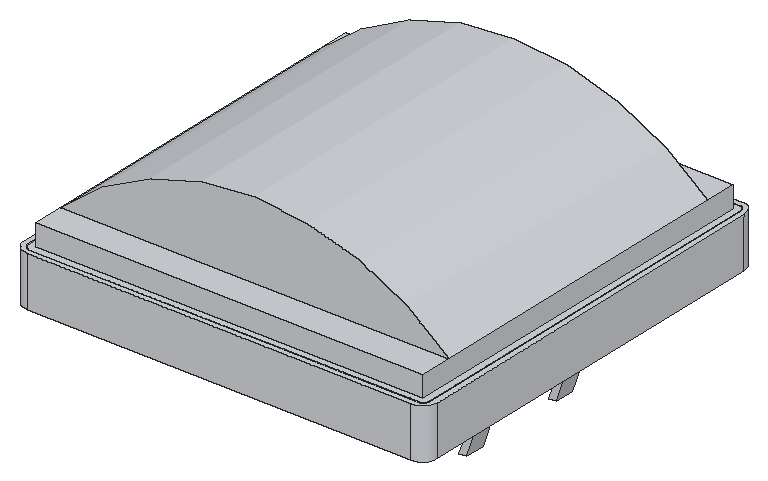
Revit family "Gira_537328", category Electrical Fixtures, host Face, Revit 2017
Family settings
  Host = Face
  Maintain Annotation Orientation = Yes
  Round Connector Dimension = Use Diameter
  Part Type = Normal
  Cut with Voids When Loaded = No
  Shared = No
  Room Calculation Point = No
Parameters (values of type "S3000 motion detec.top 1.10 m Standard System 55 anthra.")
  URL = "http://katalog.gira.de/en/datenblatt.html?artikelnr=537328"
  Name = "S3000 motion detec.top 1.10 m Standard System 55 anthra."
  Model = "Movement sensor"
  Manufacturer URL = "https://www.gira.de/"
  Manufacturer = "Gira"
  Keynote = ""
  HeinzeBIM = "https://bimportal.heinze.de/bim/s3000-motion-detec-top-1-10-m-standard-system-55-anthra-/528e093dc46a669a3acd35462b93a2cabb59bd45"
  HAN = "537328"
  GTIN = "4010337049838"
  Description = "S3000 mot.det.top 1.10m Std Sys55 AN,System 3000 motion detector top unit 1.10 m Standard,System 55,anthracite,Features:,- Automatic switching of lighting, depending on the movement of heat and ambient brightness.,- Operation with System 3000 switching or dimming insert or 3-wire auxiliary insert.,- Expansion of the detection range in combination with the 3-wire auxiliary insert.,- Adjustable brightness threshold.,- Sensitivity adjustable in four steps.,- When connecting a System 3000 auxiliary insert with an operating top unit or mechanical button to the main unit, the lighting can be switched on or dimmed for the duration of the delay time.,With System 3000 dimming insert:,- Switch on with the last brightness set, or a saved switch-on brightness.,- The switch-on brightness can only be saved permanently via the System 3000 auxiliary insert with operating top unit.,,Notes :,- The detection range is aligned horizontally and when used outdoors may fail to identify a boundary. When installing outdoors, find an appropriate location or use the 2.20 m motion detector top unit."
  Default Elevation = 1219.2 mm
  Data sheet (1) = "https://katalog.gira.de/en/download.html?artikelnr=537328"
  Category = "Sensor element for movement sensor"
  BIM (1) = "https://media.stage.bim.site/public/gira/36a6b08/Bewegungsmelder_1,10m.rfa"
  Available = "No"
Reference planes
  plane 1 "Center (Front/Back)": y = 0
  plane 2: z = 0
  plane 3 "Center (Left/Right)": x = 0
Forms (mm)
  Extrusion 1, solid, detail levels fine
    sketch origin (0, 0, 0) x (1, 0, 0) y (0, 0, 1)
      loop
        line (-33.025, 12.126) -> (33.025, 12.126)
        arc (33.025, 12.126) -> (0, 25.3) -> (-33.025, 12.126) r 47.982
    from -27.6 to 27.6
  Extrusion 2, solid, detail levels fine
    sketch origin (0, 0, 0) x (1, 0, 0) y (0, 1, 0)
      loop
        line (33.025, 33.025) -> (-33.025, 33.025) -> (-33.025, -33.025) -> (33.025, -33.025) -> (33.025, 33.025)
    from 8.55 to 12.126
  Extrusion 3, solid, detail levels fine
    sketch origin (0, 0, 0) x (1, 0, 0) y (0, 1, 0)
      loop
        spline (-32.7, 35.2) -> (-33.027, 35.179) -> (-33.347, 35.115) -> (-33.657, 35.01) -> (-33.95, 34.865) -> (-34.222, 34.683) -> (-34.468, 34.468) -> (-34.683, 34.222) -> (-34.865, 33.95) -> (-35.01, 33.657) -> (-35.115, 33.347) -> (-35.179, 33.027) -> (-35.2, 32.7)
        line (-35.2, 32.7) -> (-35.2, -32.7)
        spline (-35.2, -32.7) -> (-35.179, -33.027) -> (-35.115, -33.347) -> (-35.01, -33.657) -> (-34.865, -33.95) -> (-34.683, -34.222) -> (-34.468, -34.468) -> (-34.222, -34.683) -> (-33.95, -34.865) -> (-33.657, -35.01) -> (-33.347, -35.115) -> (-33.027, -35.179) -> (-32.7, -35.2)
        line (-32.7, -35.2) -> (32.7, -35.2)
        spline (32.7, -35.2) -> (33.027, -35.179) -> (33.347, -35.115) -> (33.657, -35.01) -> (33.95, -34.865) -> (34.222, -34.683) -> (34.468, -34.468) -> (34.683, -34.222) -> (34.865, -33.95) -> (35.01, -33.657) -> (35.115, -33.347) -> (35.179, -33.027) -> (35.2, -32.7)
        line (35.2, -32.7) -> (35.2, 32.7)
        spline (35.2, 32.7) -> (35.179, 33.027) -> (35.115, 33.347) -> (35.01, 33.657) -> (34.865, 33.95) -> (34.683, 34.222) -> (34.468, 34.468) -> (34.222, 34.683) -> (33.95, 34.865) -> (33.657, 35.01) -> (33.347, 35.115) -> (33.027, 35.179) -> (32.7, 35.2)
        line (32.7, 35.2) -> (-32.7, 35.2)
      loop
        line (-34.2, 33.2) -> (-34.2, -33.2)
        spline (-34.2, -33.2) -> (-34.191, -33.331) -> (-34.166, -33.459) -> (-34.124, -33.583) -> (-34.066, -33.7) -> (-33.993, -33.809) -> (-33.907, -33.907) -> (-33.809, -33.993) -> (-33.7, -34.066) -> (-33.583, -34.124) -> (-33.459, -34.166) -> (-33.331, -34.191) -> (-33.2, -34.2)
        line (-33.2, -34.2) -> (33.2, -34.2)
        spline (33.2, -34.2) -> (33.331, -34.191) -> (33.459, -34.166) -> (33.583, -34.124) -> (33.7, -34.066) -> (33.809, -33.993) -> (33.907, -33.907) -> (33.993, -33.809) -> (34.066, -33.7) -> (34.124, -33.583) -> (34.166, -33.459) -> (34.191, -33.331) -> (34.2, -33.2)
        line (34.2, -33.2) -> (34.2, 33.2)
        spline (34.2, 33.2) -> (34.191, 33.331) -> (34.166, 33.459) -> (34.124, 33.583) -> (34.066, 33.7) -> (33.993, 33.809) -> (33.907, 33.907) -> (33.809, 33.993) -> (33.7, 34.066) -> (33.583, 34.124) -> (33.459, 34.166) -> (33.331, 34.191) -> (33.2, 34.2)
        line (33.2, 34.2) -> (-33.2, 34.2)
        spline (-33.2, 34.2) -> (-33.331, 34.191) -> (-33.459, 34.166) -> (-33.583, 34.124) -> (-33.7, 34.066) -> (-33.809, 33.993) -> (-33.907, 33.907) -> (-33.993, 33.809) -> (-34.066, 33.7) -> (-34.124, 33.583) -> (-34.166, 33.459) -> (-34.191, 33.331) -> (-34.2, 33.2)
    from 0 to 8.55
  Extrusion 4, solid, detail levels fine
    sketch origin (0, 0, 0) x (1, 0, 0) y (0, 1, 0)
      loop
        line (-34.2, 33.2) -> (-34.2, -33.2)
        spline (-34.2, -33.2) -> (-34.191, -33.331) -> (-34.166, -33.459) -> (-34.124, -33.583) -> (-34.066, -33.7) -> (-33.993, -33.809) -> (-33.907, -33.907) -> (-33.809, -33.993) -> (-33.7, -34.066) -> (-33.583, -34.124) -> (-33.459, -34.166) -> (-33.331, -34.191) -> (-33.2, -34.2)
        line (-33.2, -34.2) -> (33.2, -34.2)
        spline (33.2, -34.2) -> (33.331, -34.191) -> (33.459, -34.166) -> (33.583, -34.124) -> (33.7, -34.066) -> (33.809, -33.993) -> (33.907, -33.907) -> (33.993, -33.809) -> (34.066, -33.7) -> (34.124, -33.583) -> (34.166, -33.459) -> (34.191, -33.331) -> (34.2, -33.2)
        line (34.2, -33.2) -> (34.2, 33.2)
        spline (34.2, 33.2) -> (34.191, 33.331) -> (34.166, 33.459) -> (34.124, 33.583) -> (34.066, 33.7) -> (33.993, 33.809) -> (33.907, 33.907) -> (33.809, 33.993) -> (33.7, 34.066) -> (33.583, 34.124) -> (33.459, 34.166) -> (33.331, 34.191) -> (33.2, 34.2)
        line (33.2, 34.2) -> (-33.2, 34.2)
        spline (-33.2, 34.2) -> (-33.331, 34.191) -> (-33.459, 34.166) -> (-33.583, 34.124) -> (-33.7, 34.066) -> (-33.809, 33.993) -> (-33.907, 33.907) -> (-33.993, 33.809) -> (-34.066, 33.7) -> (-34.124, 33.583) -> (-34.166, 33.459) -> (-34.191, 33.331) -> (-34.2, 33.2)
    from 6.175 to 8.55
  Extrusion 5, solid, detail levels fine
    sketch origin (0, 0, 0) x (1, 0, 0) y (0, 1, 0)
      loop
        spline (-27.7, -27.1) -> (-27.696, -27.165) -> (-27.683, -27.229) -> (-27.662, -27.291) -> (-27.633, -27.35) -> (-27.597, -27.404) -> (-27.554, -27.454) -> (-27.504, -27.497) -> (-27.45, -27.533) -> (-27.391, -27.562) -> (-27.329, -27.583) -> (-27.265, -27.596) -> (-27.2, -27.6)
        line (-27.2, -27.6) -> (27.2, -27.6)
        spline (27.2, -27.6) -> (27.265, -27.596) -> (27.329, -27.583) -> (27.391, -27.562) -> (27.45, -27.533) -> (27.504, -27.497) -> (27.554, -27.454) -> (27.597, -27.404) -> (27.633, -27.35) -> (27.662, -27.291) -> (27.683, -27.229) -> (27.696, -27.165) -> (27.7, -27.1)
        line (27.7, -27.1) -> (27.7, 27.1)
        spline (27.7, 27.1) -> (27.696, 27.165) -> (27.683, 27.229) -> (27.662, 27.291) -> (27.633, 27.35) -> (27.597, 27.404) -> (27.554, 27.454) -> (27.504, 27.497) -> (27.45, 27.533) -> (27.391, 27.562) -> (27.329, 27.583) -> (27.265, 27.596) -> (27.2, 27.6)
        line (27.2, 27.6) -> (-27.2, 27.6)
        spline (-27.2, 27.6) -> (-27.265, 27.596) -> (-27.329, 27.583) -> (-27.391, 27.562) -> (-27.45, 27.533) -> (-27.504, 27.497) -> (-27.554, 27.454) -> (-27.597, 27.404) -> (-27.633, 27.35) -> (-27.662, 27.291) -> (-27.683, 27.229) -> (-27.696, 27.165) -> (-27.7, 27.1)
        line (-27.7, 27.1) -> (-27.7, -27.1)
      loop
        line (26.9, 26.8) -> (-26.9, 26.8) -> (-26.9, -26.8) -> (26.9, -26.8) -> (26.9, 26.8)
    from 0 to 6.175
  Extrusion 6, solid, detail levels fine
    sketch origin (0, 0, 0) x (1, 0, 0) y (0, 1, 0)
      loop
        line (-15.4, -23.928) -> (15.4, -23.928)
        arc (15.4, -23.928) -> (21.43, -21.43) -> (23.928, -15.4) r 8.528
        line (23.928, -15.4) -> (23.928, 15.4)
        arc (23.928, 15.4) -> (21.43, 21.43) -> (15.4, 23.928) r 8.528
        line (15.4, 23.928) -> (-15.4, 23.928)
        arc (-15.4, 23.928) -> (-21.43, 21.43) -> (-23.928, 15.4) r 8.528
        line (-23.928, 15.4) -> (-23.928, -15.4)
        arc (-23.928, -15.4) -> (-21.43, -21.43) -> (-15.4, -23.928) r 8.528
    from -0.985 to 1.6
  Extrusion 7, solid, detail levels fine
    sketch origin (0, 0, 0) x (1, 0, 0) y (0, 1, 0)
      loop
        line (-26.35, 18.301) -> (-26.35, -18.801)
        spline (-26.35, -18.801) -> (-26.286, -19.78) -> (-26.095, -20.742) -> (-25.779, -21.671) -> (-25.345, -22.551) -> (-24.8, -23.366) -> (-24.154, -24.104) -> (-23.416, -24.75) -> (-22.601, -25.295) -> (-21.721, -25.729) -> (-20.792, -26.045) -> (-19.83, -26.236) -> (-18.851, -26.3)
        line (-18.851, -26.3) -> (18.851, -26.3)
        spline (18.851, -26.3) -> (19.83, -26.236) -> (20.792, -26.045) -> (21.721, -25.729) -> (22.601, -25.295) -> (23.416, -24.75) -> (24.154, -24.104) -> (24.8, -23.366) -> (25.345, -22.551) -> (25.779, -21.671) -> (26.094, -20.742) -> (26.286, -19.78) -> (26.35, -18.801)
        line (26.35, -18.801) -> (26.35, 18.301)
        spline (26.35, 18.301) -> (26.286, 19.28) -> (26.094, 20.242) -> (25.779, 21.171) -> (25.345, 22.051) -> (24.8, 22.866) -> (24.154, 23.604) -> (23.416, 24.25) -> (22.601, 24.795) -> (21.721, 25.229) -> (20.792, 25.545) -> (19.83, 25.736) -> (18.851, 25.8)
        line (18.851, 25.8) -> (-18.851, 25.8)
        spline (-18.851, 25.8) -> (-19.83, 25.736) -> (-20.792, 25.545) -> (-21.721, 25.229) -> (-22.601, 24.795) -> (-23.416, 24.25) -> (-24.154, 23.604) -> (-24.8, 22.866) -> (-25.345, 22.051) -> (-25.779, 21.171) -> (-26.095, 20.242) -> (-26.286, 19.28) -> (-26.35, 18.301)
    from 1.6 to 6.1
  Extrusion 8, solid, detail levels fine
    sketch origin (0, 0, 0) x (1, 0, 0) y (0, 0, 1)
      loop
        line (-23.048, -13.343) -> (-21.665, -13.513) -> (-24.338, -6.363) -> (-23.36, 1.6) -> (-25.023, 1.6) -> (-24.975, -1.121) -> (-25.39, -6.541) -> (-23.048, -13.343)
      loop
        line (23.048, -13.343) -> (25.39, -6.541) -> (24.975, -1.121) -> (25.023, 1.6) -> (23.36, 1.6) -> (24.338, -6.363) -> (21.665, -13.513) -> (23.048, -13.343)
    from 7.9 to 11.14
  Extrusion 9, solid, detail levels fine
    sketch origin (0, 0, 0) x (1, 0, 0) y (0, 0, -1)
      loop
        line (-23.048, 13.343) -> (-25.39, 6.541) -> (-24.975, 1.121) -> (-25.023, -1.6) -> (-23.36, -1.6) -> (-24.338, 6.363) -> (-21.665, 13.513) -> (-23.048, 13.343)
      loop
        line (23.048, 13.343) -> (21.665, 13.513) -> (24.338, 6.363) -> (23.36, -1.6) -> (25.023, -1.6) -> (24.975, 1.121) -> (25.39, 6.541) -> (23.048, 13.343)
    from 7.9 to 11.14
  Extrusion 10, solid, detail levels fine
    sketch origin (0, 0, 0) x (1, 0, 0) y (0, 1, 0)
      loop
        line (-5.141, 20.681) -> (-5.141, 15.099)
        spline (-5.141, 15.099) -> (-5.133, 14.968) -> (-5.107, 14.84) -> (-5.065, 14.716) -> (-5.007, 14.599) -> (-4.935, 14.49) -> (-4.849, 14.391) -> (-4.75, 14.305) -> (-4.641, 14.233) -> (-4.524, 14.175) -> (-4.4, 14.133) -> (-4.272, 14.107) -> (-4.141, 14.099)
        line (-4.141, 14.099) -> (4.141, 14.099)
        spline (4.141, 14.099) -> (4.272, 14.107) -> (4.4, 14.133) -> (4.524, 14.175) -> (4.641, 14.233) -> (4.75, 14.305) -> (4.849, 14.391) -> (4.935, 14.49) -> (5.007, 14.599) -> (5.065, 14.716) -> (5.107, 14.84) -> (5.133, 14.968) -> (5.141, 15.099)
        line (5.141, 15.099) -> (5.141, 20.681)
        spline (5.141, 20.681) -> (5.133, 20.812) -> (5.107, 20.94) -> (5.065, 21.064) -> (5.007, 21.181) -> (4.935, 21.29) -> (4.849, 21.389) -> (4.75, 21.475) -> (4.641, 21.547) -> (4.524, 21.605) -> (4.4, 21.647) -> (4.272, 21.673) -> (4.141, 21.681)
        line (4.141, 21.681) -> (-4.141, 21.681)
        spline (-4.141, 21.681) -> (-4.272, 21.673) -> (-4.4, 21.647) -> (-4.524, 21.605) -> (-4.641, 21.547) -> (-4.75, 21.475) -> (-4.849, 21.389) -> (-4.935, 21.29) -> (-5.007, 21.181) -> (-5.065, 21.064) -> (-5.107, 20.94) -> (-5.133, 20.812) -> (-5.141, 20.681)
    from -17.3 to -0.985
  Extrusion 11, solid, detail levels medium
    sketch origin (0, 0, 0) x (1, 0, 0) y (0, 1, 0)
      loop
        line (33.025, 33.025) -> (-33.025, 33.025) -> (-33.025, -33.025) -> (33.025, -33.025) -> (33.025, 33.025)
    from 8.55 to 25.3
  Extrusion 12, solid, detail levels medium
    sketch origin (0, 0, 0) x (1, 0, 0) y (0, 1, 0)
      loop
        line (-35.2, 35.2) -> (-35.2, -35.2) -> (35.2, -35.2) -> (35.2, 35.2) -> (-35.2, 35.2)
    from 0 to 8.55
  Extrusion 13, solid, detail levels medium
    sketch origin (0, 0, 0) x (1, 0, 0) y (0, 0, 1)
      loop
        line (-25.023, 1.6) -> (-25.023, -13.1) -> (-21.665, -13.513) -> (-21.665, 1.6) -> (-25.023, 1.6)
      loop
        line (25.023, 1.6) -> (21.665, 1.6) -> (21.665, -13.513) -> (25.023, -13.1) -> (25.023, 1.6)
    from 8 to 11.14
  Extrusion 14, solid, detail levels medium
    sketch origin (0, 0, 0) x (1, 0, 0) y (0, 0, -1)
      loop
        line (-25.023, -1.6) -> (-21.665, -1.6) -> (-21.665, 13.513) -> (-25.023, 13.1) -> (-25.023, -1.6)
      loop
        line (25.023, -1.6) -> (25.023, 13.1) -> (21.665, 13.513) -> (21.665, -1.6) -> (25.023, -1.6)
    from 8 to 11.14
  Extrusion 15, solid, detail levels medium
    sketch origin (0, 0, 0) x (1, 0, 0) y (0, 1, 0)
      loop
        line (-5.141, 21.681) -> (-5.141, 14.099) -> (5.141, 14.099) -> (5.141, 21.681) -> (-5.141, 21.681)
    from -17.3 to -0.985
  Extrusion 16, solid, detail levels coarse
    sketch origin (0, 0, 0) x (1, 0, 0) y (0, 1, 0)
      loop
        line (-35.2, 35.2) -> (-35.2, -35.2) -> (35.2, -35.2) -> (35.2, 35.2) -> (-35.2, 35.2)
    from -17.3 to 25.3
Dimensions and locks
  aligned and locked: plane 2 to host face
  aligned and locked: level to host face
  aligned and locked: nested 1 to plane 3 "Center (Left/Right)"
  aligned and locked: plane 1 "Center (Front/Back)" to nested 1
Nested families
  nested 1: "Belegungssensor - Bewegung - Aufputz - Beschriftung" at (0, 0, 0) x (0, -1, 0) z (0, 0, 1), type "Belegungssensor - Bewegung - Aufputz - Beschriftung"
Connectors
  electrical at (0, 0, -17.3)
    settings: on Extrusion 16, index 1, voltage 220 V, apparent load 0 VA, apparent load phase1 0 VA, apparent load phase2 0 VA, apparent load phase3 0 VA, power factor 1, load classification "Other", number of poles 1, system type 30, power factor state 1, is connector primary yes, connector utility no, sub classification motor no, connector description ""
Definition of nested family "Belegungssensor - Bewegung - Aufputz - Beschriftung"
  Reference planes
    plane 1: y = 0
    plane 2: x = 0
  Lines and regions (mm)
    Filled region 1, type "Gefüllter Bereich 1"
      outline origin (143.425, -20.712, 0) x (1, 0, 0) y (0, 1, 0)
        loop
          line (-148.697, 21.204) -> (-148.697, 20.409) -> (-147.583, 20.807) -> (-148.697, 21.204)
    Filled region 2, type "Gefüllter Bereich 1"
      outline origin (141.808, 30.001, 0) x (0.939693, 0.34202, 0) y (-0.34202, 0.939693, 0)
        loop
          line (-148.694, 21.203) -> (-148.694, 20.41) -> (-147.583, 20.807) -> (-148.694, 21.203)
    Filled region 3, type "Gefüllter Bereich 1"
      outline origin (141.819, -29.825, 0) x (-0.34202, -0.939693, 0) y (0.939693, -0.34202, 0)
        loop
          line (21.204, -148.697) -> (20.807, -147.583) -> (20.409, -148.697) -> (21.204, -148.697)
    detail lines
      curve 1: line (-1.207, 0.095, 0) -> (-3.486, 1.411, 0)
      curve 2: line (-1.207, 0.095, 0) -> (-3.486, -1.221, 0)
      curve 5: arc (-3.252, 1.752, 0) -> (-3.839, 0.095, 0) -> (-3.252, -1.562, 0) r 2.632
      curve 6: line (-6, 3, 0) -> (0, 3, 0)
      curve 7: line (-6, -3, 0) -> (-6, 3, 0)
      curve 8: line (0, -3, 0) -> (-6, -3, 0)
      curve 9: line (0, 3, 0) -> (0, -3, 0)
    reference lines
      curve 3: line (-1.207, 0.095, 0) -> (-3.616, 2.046, 0)
      curve 4: line (-1.207, 0.095, 0) -> (-3.616, -1.856, 0)
  Dimensions and locks
    curve 1 to curve 1 = 2.632 mm
    curve 2 to curve 2 = 2.632 mm
    curve 6 to curve 8 = 6 mm
    curve 7 to curve 9 = 6 mm
    angle curve 1 to curve 2 = 60.00°
    aligned and locked: curve 6 to curve 7
    aligned and locked: curve 9 to curve 9
